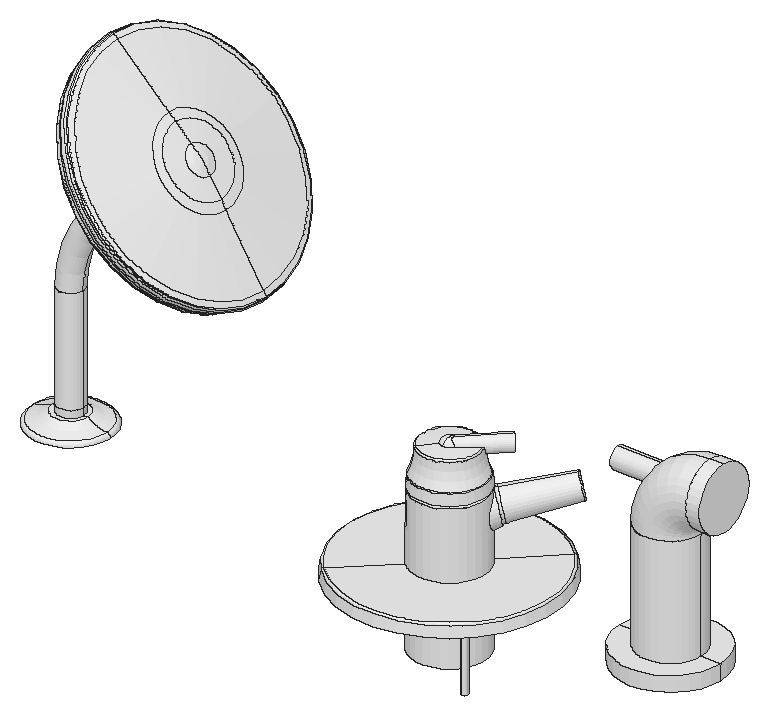
Revit family "Faucet-Delta-TRINSIC-TempAssure_17T_Series_H2Okinetic_Tub_and_Shower_Trim", category Plumbing Fixtures, host Face, Revit 2014 (continued)
Automatic sketch dimensions
  plane 5 to Masking region 8 sketch curve = 0' - 9.31211"
  Masking region 8 sketch curve to Masking region 8 sketch curve = 1' - 2.51722"
  Masking region 8 sketch curve to Masking region 8 sketch curve = 0' - 0.22459"  (x2)
  Masking region 8 sketch curve to Masking region 8 sketch curve = 0' - 0.36125"
  Masking region 8 sketch curve to Masking region 8 sketch curve = 0' - 1.49694"
  Masking region 8 sketch curve to Masking region 8 sketch curve = 0' - 0.3519"
  Masking region 8 sketch curve to Masking region 8 sketch curve = 0' - 0.24818"
  Masking region 8 sketch curve to Masking region 8 sketch curve = 0' - 0.19952"
  Masking region 8 sketch curve to Masking region 8 sketch curve = 0' - 1.31931"
  Masking region 8 sketch curve to Masking region 8 sketch curve = 0' - 0.85891"
  Masking region 8 sketch curve to Masking region 8 sketch curve = 0' - 0.0176"
  Masking region 8 sketch curve to Masking region 8 sketch curve = 0' - 0.4732"
  Masking region 8 sketch curve to Masking region 8 sketch curve = 0' - 0.15466"
  Masking region 8 sketch curve to Masking region 8 sketch curve = 0' - 0.42147"
  Masking region 8 sketch curve to Masking region 8 sketch curve = 0' - 1.38265"
  Masking region 8 sketch curve to Masking region 8 sketch curve = 0' - 0.04126"
  Masking region 8 sketch curve to Masking region 8 sketch curve = 0' - 0.19875"
  Masking region 8 sketch curve to Masking region 8 sketch curve = 0' - 0.00815"
  Masking region 8 sketch curve to Masking region 8 sketch curve = 0' - 0.00966"
  Masking region 8 sketch curve to Masking region 8 sketch curve = 0' - 0.11095"
  Masking region 8 sketch curve to Masking region 8 sketch curve = 0' - 0.00855"
  Masking region 8 sketch curve to Masking region 8 sketch curve = 0' - 0.04476"
  Masking region 8 sketch curve to Masking region 8 sketch curve = 0' - 0.08921"
  Masking region 8 sketch curve to Masking region 8 sketch curve = 0' - 0.12647"
  Masking region 8 sketch curve to Masking region 8 sketch curve = 0' - 0.02212"
  Masking region 8 sketch curve to Masking region 8 sketch curve = 0' - 0.00721"
  plane 8 to Masking region 8 sketch curve = 0' - 9.6341"
  Masking region 8 sketch curve to Masking region 8 sketch curve = 0' - 1.67394"
  plane 8 to Masking region 8 sketch curve = 1' - 6.62687"
  Masking region 8 sketch curve to Masking region 8 sketch curve = 1' - 5.34198"
  Masking region 8 sketch curve to Masking region 8 sketch curve = 0' - 0.31206"
  Masking region 8 sketch curve to Masking region 8 sketch curve = 0' - 0.04983"
  Masking region 8 sketch curve to Masking region 8 sketch curve = 0' - 0"
  Masking region 8 sketch curve to Masking region 8 sketch curve = 0' - 0.45876"
  Masking region 8 sketch curve to Masking region 8 sketch curve = 0' - 0.36254"
  Masking region 8 sketch curve to Masking region 8 sketch curve = 0' - 0.23854"
Connectors (in)
  piping at (-0.00104, -0.00095, -2.06898), diameter 0.5, driven by "Actual Valve Water Flow", driven by "HWC R"
    settings: on cut or joined group of Revolve 5, Revolve 6, index 1, connector inside diameter 24", connector length 0' - 0", flow factor 0, pipe flow 0 GPM, pressure drop 0.00 psi, fitting loss kfactor 0, connector angle 0.00°, fixture units 0, engagement length 0' - 0", angle of deflection 0.00°, flow configuration 0, flow direction 1, fitting loss method 0, system type 19, joint type 0, gender type 0, connector reference index -1, connector utility 0, adjustable connector no, is connector primary yes, connector description "Hot Water Connector"
  piping at (-0.00104, -0.00095, -2.06898), diameter 0.5, driven by "Actual Valve Water Flow", driven by "CWC R"
    settings: on cut or joined group of Revolve 5, Revolve 6, index 2, connector inside diameter 24", connector length 0' - 0", flow factor 0, pipe flow 0 GPM, pressure drop 0.00 psi, fitting loss kfactor 0, connector angle 0.00°, fixture units 0, engagement length 0' - 0", angle of deflection 0.00°, flow configuration 0, flow direction 1, fitting loss method 0, system type 20, joint type 0, gender type 0, connector reference index -1, connector utility 0, adjustable connector no, is connector primary no, connector description "Cold Water Connector"
Types (5): name | Product Page URL | Model | Finish
  (no name) | "http://www.deltafaucet.com/bath/details/t17t459-h2o.html" | "T17T459-H2O" | Chrome - DELTA - Polished
  T17T459-H2O | "http://www.deltafaucet.com/bath/details/t17t459-h2o.html" | "T17T459-H2O" | Chrome - DELTA - Polished
  T17T459-CZH2O | "http://www.deltafaucet.com/bath/details/t17t459-czh2o.html" | "T17T459-CZH2O" | Champagne - DELTA - Bronze
  T17T459-RBH2O | "http://www.deltafaucet.com/bath/details/t17t459-rbh2o.html" | "T17T459-RBH2O" | Venetian - DELTA - Bronze
  T17T459-SSH2O | "http://www.deltafaucet.com/bath/details/t17t459-ssh2o.html" | "T17T459-SSH2O" | Steel - DELTA - Brilliance Stainless
